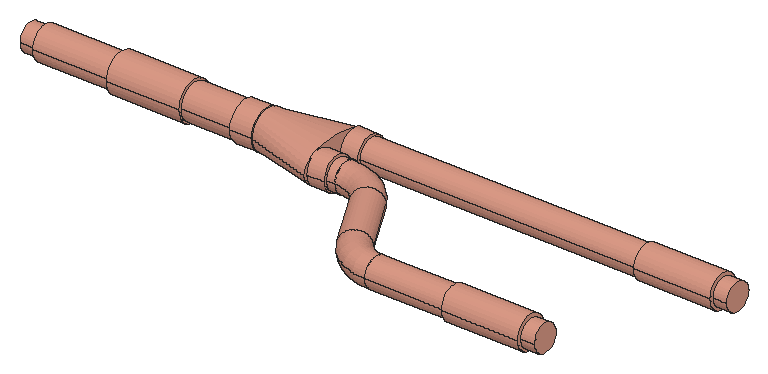
Revit family "outputfile", category 配管付属品, Revit 2024
Family settings
  丸型コネクタ寸法 = 半径を使用
  パーツ タイプ = 標準
  OmniClass 番号 = 23.65.55.00
  OmniClass タイトル = Distribution of Supplied Liquids/Gases
  作業面ベース = いいえ
  常に垂直 = はい
  ロード時にボイドで切り取り = いいえ
  共有 = いいえ
Parameters (values of type "BHRP25A22T")
  Description = ""
  製造元 = "Daikin"
  書き出し IFC クラス(タイプ) = "IfcPipeFittingType"
  定義済み IFC タイプ(タイプ) = "JUNCTION"
  Cost = 0
  Type Comments = ""
  Keynote = ""
  Type Image = (empty or 0)
  Assembly Code = ""
  mm⇔inch [instance] = yes
  l_dividePipe1 [instance] = size_lookup(table_StraightPipe, "l_dividePipe1", 10.0 mm, モデル)  # 10.0 mm
  Default Elevation = 0.0 mm
  モデル = "BHRP25A22T"
  table_StraightPipe [instance] = if(mm⇔inch, "Refnet Joint_BHRP25A-T_Gas_StraightPipe", "Refnet Joint_BHRP25A-T_Gas_StraightPipe_inch")  # "Refnet Joint_BHRP25A-T_Gas_StraightPipe"
  table_BranchPipe [instance] = if(mm⇔inch, "Refnet Joint_BHRP25A-T_Gas_BranchPipe", "Refnet Joint_BHRP25A-T_Gas_BranchPipe_inch")  # "Refnet Joint_BHRP25A-T_Gas_BranchPipe"
  table_Inlet [instance] = if(mm⇔inch, "Refnet Joint_BHRP25A-T_Gas_Inlet", "Refnet Joint_BHRP25A-T_Gas_Inlet_inch")  # "Refnet Joint_BHRP25A-T_Gas_Inlet"
  switch_StraightPipe_Reducer [instance] = if(Is_StraightPipe Reducer = 1, 1 = 1, 1 = 0)  # no
  switch_StraightPipe3 [instance] = if(number_StraightPipe = 3, 1 = 1, 1 = 0)  # no
  switch_StraightPipe2 [instance] = if(number_StraightPipe < 2, 1 = 0, 1 = 1)  # yes
  switch_BranchPipe_Reducer [instance] = if(Is_BranchPipe Reducer = 1, 1 = 1, 1 = 0)  # no
  switch_BranchPipe3 [instance] = if(number_BranchPipe = 3, 1 = 1, 1 = 0)  # no
  switch_BranchPipe2 [instance] = if(number_BranchPipe < 2, 1 = 0, 1 = 1)  # yes
  switch_Inlet pipe_Reducer [instance] = if(Is_Inlet Reducer = 1, 1 = 1, 1 = 0)  # no
  switch_Inlet pipe3 [instance] = if(number_InletPipe = 3, 1 = 1, 1 = 0)  # yes
  switch_Inlet pipe2 [instance] = if(number_InletPipe < 2, 1 = 0, 1 = 1)  # yes
  Uniclass2015Version = "Products v1.31"
  Uniclass2015Title = "Copper pipe fittings"
  Uniclass2015Code = "Pr_65_52_63_18"
  URL = ""
  StraightPipe_Gas_ActualDiameter [instance] = 12.7 mm
  Material_Piping = DAIKIN_Copper_Pipe
  Material_Insulation = DAIKIN_White_Insulation
  lw_Insulation [instance] = size_lookup(table_Inlet, "lw_Insulation", 57.8 mm, モデル)  # 57.8 mm
  Unit Type = "BHRP25A-T_Gas"
  Tag No. [instance] = ""
  StraightPipe_Gas_Status [instance] = size_lookup(table_StraightPipe, "Information", "The connected pipe size is not available.", モデル, StraightPipe_Gas_ActualDiameter)  # "Default connector size is used."
  Link_Nested Family [instance] = ""
  Inlet_Gas_Actual Diameter [instance] = 12.7 mm
  IfcVersion = ""
  IfcExportType = "JUNCTION"
  IfcExportAs = "IfcPipeFittingType"
  BranchPipe_Gas_Status [instance] = size_lookup(table_BranchPipe, "Information", "The connected pipe size is not available.", モデル, BranchPipe_Gas_ActualDiameter)  # "Default connector size is used."
  Inlet_Gas_Status [instance] = size_lookup(table_Inlet, "Information", "The connected pipe size is not available.", モデル, Inlet_Gas_Actual Diameter)  # "Default connector size is used."
  Series = "Refnet Joint"
  O.R_dividePipe_Inlet [instance] = (I.D_InletPipe1 + 2.0 mm) / 2  # 10.55 mm
  r_StraightPipe_Connector [instance] = StraightPipe_Gas_ActualDiameter / 2  # 6.35 mm
  r_BranchPipe_Connector [instance] = BranchPipe_Gas_ActualDiameter / 2  # 6.35 mm
  r_Inlet_Connector [instance] = Inlet_Gas_Actual Diameter / 2  # 6.35 mm
  number_StraightPipe [instance] = size_lookup(table_StraightPipe, "pipeNumber", 2, モデル, StraightPipe_Gas_ActualDiameter)  # 2
  number_BranchPipe [instance] = size_lookup(table_BranchPipe, "pipeNumber", 2, モデル, BranchPipe_Gas_ActualDiameter)  # 2
  number_InletPipe [instance] = size_lookup(table_Inlet, "pipeNumber", 3, モデル, Inlet_Gas_Actual Diameter)  # 3
  r_BranchPipeR [instance] = size_lookup(table_BranchPipe, "r_offsetPipeR", 25.0 mm, モデル, BranchPipe_Gas_ActualDiameter)  # 25.0 mm
  l_BranchPipe_Straight2 [instance] = size_lookup(table_BranchPipe, "L_offsetPipe2", 43.0 mm, モデル)  # 43.0 mm
  l_BranchPipe_Straight1 [instance] = size_lookup(table_BranchPipe, "L_offsetPipe1", 5.0 mm, モデル)  # 5.0 mm
  l_BranchPipe connector [instance] = size_lookup(table_BranchPipe, "Length", 170.0 mm, モデル, BranchPipe_Gas_ActualDiameter)  # 170.0 mm
  l_inlet connector [instance] = size_lookup(table_Inlet, "Length", 130.0 mm, モデル, Inlet_Gas_Actual Diameter)  # 130.0 mm
  l_dividePipe [instance] = size_lookup(table_Inlet, "L_devidePipe", 38.0 mm, モデル)  # 38.0 mm
  l_StraightPipeReducer [instance] = size_lookup(table_StraightPipe, "L_Reducer", 80.0 mm, モデル, StraightPipe_Gas_ActualDiameter)  # 80.0 mm
  l_StraightPipe3 [instance] = size_lookup(table_StraightPipe, "L_Pipe3", 2.0 mm, モデル)  # 2.0 mm
  l_StraightPipe2 [instance] = size_lookup(table_StraightPipe, "L_Pipe2", 8.0 mm, モデル)  # 8.0 mm
  l_StraightPipe1 [instance] = size_lookup(table_StraightPipe, "L_Pipe1", 42.0 mm, モデル)  # 42.0 mm
  l_StraightPipe0 [instance] = size_lookup(table_StraightPipe, "L_Pipe0", 152.0 mm, モデル)  # 152.0 mm
  l_StraightPipe connector [instance] = size_lookup(table_StraightPipe, "Length", 212.0 mm, モデル, StraightPipe_Gas_ActualDiameter)  # 212.0 mm
  l_BranchPipe Reducer [instance] = size_lookup(table_BranchPipe, "L_Reducer", 80.0 mm, モデル, BranchPipe_Gas_ActualDiameter)  # 80.0 mm
  l_BranchPipe3 [instance] = size_lookup(table_BranchPipe, "L_Pipe3", 2.0 mm, モデル)  # 2.0 mm
  l_BranchPipe2 [instance] = size_lookup(table_BranchPipe, "L_Pipe2", 8.0 mm, モデル)  # 8.0 mm
  l_BranchPipe1 [instance] = size_lookup(table_BranchPipe, "L_Pipe1", 42.0 mm, モデル)  # 42.0 mm
  l_BranchPipe0 [instance] = size_lookup(table_BranchPipe, "L_Pipe0", 110.0 mm, モデル)  # 110.0 mm
  l_InletReducer [instance] = size_lookup(table_Inlet, "L_Reducer", 100.0 mm, モデル, Inlet_Gas_Actual Diameter)  # 100.0 mm
  l_InletPipe3 [instance] = size_lookup(table_Inlet, "L_Pipe3", 8.0 mm, モデル)  # 8.0 mm
  l_InletPipe2 [instance] = size_lookup(table_Inlet, "L_Pipe2", 42.0 mm, モデル)  # 42.0 mm
  l_InletPipe1 [instance] = size_lookup(table_Inlet, "L_Pipe1", 40.0 mm, モデル)  # 40.0 mm
  l_InletPipe0 [instance] = size_lookup(table_Inlet, "L_Pipe0", 28.0 mm, モデル)  # 28.0 mm
  center_StraightPipe [instance] = size_lookup(table_StraightPipe, "center_Pipe", 11.5 mm, モデル)  # 11.5 mm
  center_BranchPipe2 [instance] = size_lookup(table_BranchPipe, "center_OffsetPipe", 68.5 mm, モデル)  # 68.5 mm
  center_BranchPipe1 [instance] = size_lookup(table_BranchPipe, "center_Pipe", 11.5 mm, モデル)  # 11.5 mm
  StraightPipe_Gas_AvailableDiameter [instance] = size_lookup(table_StraightPipe, "sizeVariation", "", モデル)  # "12.7/15.9/19.1mm"
  BranchPipe_Gas_AvailableDiameter [instance] = size_lookup(table_BranchPipe, "sizeVariation", "", モデル)  # "12.7/15.9mm"
  Inlet_Gas_Available Diameter [instance] = size_lookup(table_Inlet, "sizeVariation", "", モデル)  # "12.7/15.9/19.1mm"
  O.D_StraightPipe Reducer [instance] = size_lookup(table_StraightPipe, "O.D_reducer", 2.0 mm, モデル, StraightPipe_Gas_ActualDiameter)  # 2.0 mm
  O.D_Offset Outlet Reducer [instance] = size_lookup(table_BranchPipe, "O.D_reducer", 2.0 mm, モデル, BranchPipe_Gas_ActualDiameter)  # 2.0 mm
  O.D_Inlet Reducer [instance] = size_lookup(table_Inlet, "O.D_reducer", 2.0 mm, モデル, Inlet_Gas_Actual Diameter)  # 2.0 mm
  Is_StraightPipe Reducer [instance] = size_lookup(table_StraightPipe, "IsReducer", 0, モデル, StraightPipe_Gas_ActualDiameter)  # 0
  Is_BranchPipe Reducer [instance] = size_lookup(table_BranchPipe, "IsReducer", 0, モデル, BranchPipe_Gas_ActualDiameter)  # 0
  Is_Inlet Reducer [instance] = size_lookup(table_Inlet, "IsReducer", 0, モデル, Inlet_Gas_Actual Diameter)  # 0
  BranchPipe_Gas_ActualDiameter [instance] = 12.7 mm
  Attach_Insulation [instance] = no
  I.D_StraightPipe3 [instance] = size_lookup(table_StraightPipe, "I.D_PipeSize3", 2.0 mm, モデル)  # 2.0 mm
  I.D_StraightPipe2 [instance] = size_lookup(table_StraightPipe, "I.D_PipeSize2", 12.7 mm, モデル)  # 12.7 mm
  I.D_StraightPipe1 [instance] = size_lookup(table_StraightPipe, "I.D_PipeSize1", 15.9 mm, モデル)  # 15.9 mm
  I.D_StraightPipe0 [instance] = size_lookup(table_StraightPipe, "I.D_PipeSize0", 13.9 mm, モデル)  # 13.9 mm
  I.D_BranchPipe3 [instance] = size_lookup(table_BranchPipe, "I.D_PipeSize3", 2.0 mm, モデル)  # 2.0 mm
  I.D_BranchPipe2 [instance] = size_lookup(table_BranchPipe, "I.D_PipeSize2", 12.7 mm, モデル)  # 12.7 mm
  I.D_BranchPipe1 [instance] = size_lookup(table_BranchPipe, "I.D_PipeSize1", 15.9 mm, モデル)  # 15.9 mm
  I.D_BranchPipe0 [instance] = size_lookup(table_BranchPipe, "I.D_PipeSize0", 13.9 mm, モデル)  # 13.9 mm
  I.D_Straight Reducer [instance] = size_lookup(table_StraightPipe, "I.D_reducer", 2.0 mm, モデル, StraightPipe_Gas_ActualDiameter)  # 2.0 mm
  I.D_OutletPipe [instance] = size_lookup(table_Inlet, "I.D_OutletPipeSize", 16.0 mm, モデル, Inlet_Gas_Actual Diameter)  # 16.0 mm
  I.D_Branch Reducer [instance] = size_lookup(table_BranchPipe, "I.D_reducer", 2.0 mm, モデル, BranchPipe_Gas_ActualDiameter)  # 2.0 mm
  I.D_Inlet Reducer [instance] = size_lookup(table_Inlet, "I.D_reducer", 2.0 mm, モデル, Inlet_Gas_Actual Diameter)  # 2.0 mm
  I.D_InletPipe3 [instance] = size_lookup(table_Inlet, "I.D_PipeSize3", 12.7 mm, モデル)  # 12.7 mm
  I.D_InletPipe2 [instance] = size_lookup(table_Inlet, "I.D_PipeSize2", 15.9 mm, モデル)  # 15.9 mm
  I.D_InletPipe1 [instance] = size_lookup(table_Inlet, "I.D_PipeSize1", 19.1 mm, モデル)  # 19.1 mm
  I.D_InletPipe0 [instance] = size_lookup(table_Inlet, "I.D_PipeSize0", 17.1 mm, モデル)  # 17.1 mm
Reference planes
  plane 1 "Center (Front/Back)": y = 0
  plane 2: z = 0
  plane 3 "base_left": x = 0
  plane 4: x = 8
  plane 5: x = 50
  plane 6: x = 90
  plane 7: x = 118
  plane 8: x = 130
  plane 9: x = 168
  plane 10: x = 178
  plane 11 "center_straight outlet": y = 11.5
  plane 12 "center2_offset outlet": y = -68.5
  plane 13 "center1_offset outlet": y = -11.5
  plane 14: x = 330
  plane 15: x = 372
  plane 16: x = 380
  plane 17: x = 288
  plane 18: x = 330
  plane 19: x = 338
  plane 20: x = 382
  plane 21: x = 340
  plane 22 "Reducer_straightoutlet": x = 338
  plane 23: x = 380
  plane 24: y = -22.05
  plane 25: z = 10.55
  plane 26 "Inlet_connector": x = 0
  plane 27 "Left_Insulation": x = 72.2
Forms (mm)
  SweptBlend 1, solid, material "DAIKIN_Copper_Pipe" <- "Material_Piping"
    path origin (0, 0, 0) x (1, 0, 0) y (0, 1, 0)
      loop
        line (130, 0) -> (168, 0)
    profile origin (130, 0, 0) x (0, 1, 0) y (0, 0, 1)
      loop
        circle (0, 0) r 10.55
    end profile origin (168, 0, 0) x (0, 1, 0) y (0, 0, 1)
      loop
        spline (-22.05, 0) -> (-21.299, -2.731) -> (-19.096, -5.275) -> (-15.592, -7.46) -> (-11.025, -9.137) -> (-5.707, -10.191) -> (0, -10.55) -> (5.707, -10.191) -> (11.025, -9.137) -> (15.592, -7.46) -> (19.096, -5.275) -> (21.299, -2.731) -> (22.05, 0)
        spline (22.05, 0) -> (21.299, 2.731) -> (19.096, 5.275) -> (15.592, 7.46) -> (11.025, 9.137) -> (5.707, 10.191) -> (0, 10.55) -> (-5.707, 10.191) -> (-11.025, 9.137) -> (-15.592, 7.46) -> (-19.096, 5.275) -> (-21.299, 2.731) -> (-22.05, 0)
Dimensions and locks
  "l_InletPipe3": plane 3 "base_left" to plane 4
  "l_InletPipe2": plane 4 to plane 5
  "l_InletPipe1": plane 5 to plane 6
  "l_InletPipe0": plane 6 to plane 7
  locked: plane 7 to plane 8 at 12
  "center_StraightPipe": plane 1 "Center (Front/Back)" to plane 11 "center_straight outlet"
  "center_BranchPipe2": plane 12 "center2_offset outlet" to plane 1 "Center (Front/Back)"
  "center_BranchPipe1": plane 13 "center1_offset outlet" to plane 1 "Center (Front/Back)"
  "l_dividePipe": plane 8 to plane 9
  "l_dividePipe1": plane 9 to plane 10
  "l_StraightPipe0": plane 10 to plane 14
  "l_BranchPipe0": plane 10 to plane 17
  "l_BranchPipe1": plane 17 to plane 18
  "l_BranchPipe2": plane 18 to plane 19
  "l_StraightPipe1": plane 14 to plane 15
  "l_StraightPipe2": plane 15 to plane 16
  "l_StraightPipe3": plane 16 to plane 20
  "l_BranchPipe3": plane 19 to plane 21
  "l_BranchPipe connector": plane 9 to plane 22 "Reducer_straightoutlet"
  "l_StraightPipe connector": plane 9 to plane 23
  "O.R_dividePipe_Inlet": plane 24 to plane 13 "center1_offset outlet"
  "O.R_dividePipe_Inlet": plane 25 to plane 2
  "l_inlet connector": plane 26 "Inlet_connector" to plane 8
  "lw_Insulation": plane 27 "Left_Insulation" to plane 8
  "O.R_dividePipe_Inlet": radius of SweptBlend 1 sketch curve
  aligned and locked: level to plane 2
  aligned and locked: plane 2 to nested 1
  aligned and locked: plane 3 "base_left" to nested 1
  aligned and locked: plane 1 "Center (Front/Back)" to nested 1
  aligned and locked: plane 4 to nested 2
  aligned and locked: plane 1 "Center (Front/Back)" to nested 2
  aligned and locked: plane 5 to nested 2
  aligned and locked: plane 5 to nested 3
  aligned and locked: plane 6 to nested 3
  aligned and locked: plane 6 to nested 4
  aligned and locked: nested 4 to plane 7
  aligned and locked: nested 5 to plane 7
  aligned and locked: nested 5 to plane 8
  aligned and locked: plane 8 to SweptBlend 1 sketch curve
  aligned and locked: plane 9 to SweptBlend 1 sketch curve
  aligned and locked: plane 2 to SweptBlend 1 sketch curve  (x2)
  aligned and locked: plane 1 "Center (Front/Back)" to SweptBlend 1 sketch curve  (x2)
  aligned and locked: nested 6 to plane 9
  aligned and locked: nested 7 to plane 9
  aligned and locked: nested 6 to plane 11 "center_straight outlet"
  aligned and locked: nested 7 to plane 13 "center1_offset outlet"
  aligned and locked: nested 7 to plane 10
  aligned and locked: nested 6 to plane 10
  aligned and locked: nested 8 to plane 10
  aligned and locked: plane 14 to nested 8
  aligned and locked: nested 8 to plane 11 "center_straight outlet"
  aligned and locked: plane 14 to nested 9
  aligned and locked: nested 9 to plane 11 "center_straight outlet"
  aligned and locked: plane 15 to nested 9
  aligned and locked: nested 10 to plane 11 "center_straight outlet"
  aligned and locked: plane 15 to nested 10
  aligned and locked: plane 16 to nested 10
  aligned and locked: nested 11 to plane 12 "center2_offset outlet"
  aligned and locked: plane 17 to nested 11
  aligned and locked: plane 18 to nested 11
  aligned and locked: nested 12 to plane 12 "center2_offset outlet"
  aligned and locked: plane 18 to nested 12
  aligned and locked: plane 19 to nested 12
  aligned and locked: nested 13 to plane 10
  aligned and locked: nested 13 to plane 13 "center1_offset outlet"
  aligned and locked: nested 13 to plane 12 "center2_offset outlet"
  aligned and locked: plane 8 to nested 14
  aligned and locked: plane 1 "Center (Front/Back)" to nested 14
  aligned and locked: plane 11 "center_straight outlet" to nested 15
  aligned and locked: nested 15 to plane 9
  aligned and locked: nested 16 to plane 9
  aligned and locked: plane 12 "center2_offset outlet" to nested 16
  aligned and locked: nested 17 to plane 1 "Center (Front/Back)"
  aligned and locked: plane 16 to nested 18
  aligned and locked: plane 20 to nested 18
  aligned and locked: plane 19 to nested 19
  aligned and locked: plane 21 to nested 19
  aligned and locked: nested 20 to plane 12 "center2_offset outlet"
  aligned and locked: plane 23 to nested 21
  aligned and locked: nested 21 to plane 11 "center_straight outlet"
  aligned and locked: plane 4 to nested 1
  aligned and locked: plane 24 to SweptBlend 1 sketch curve
  aligned and locked: plane 25 to SweptBlend 1 sketch curve
  aligned and locked: nested 19 to plane 12 "center2_offset outlet"
  aligned and locked: nested 18 to plane 11 "center_straight outlet"
  aligned and locked: nested 17 to plane 26 "Inlet_connector"
  aligned and locked: plane 22 "Reducer_straightoutlet" to nested 20
  aligned and locked: plane 27 "Left_Insulation" to nested 22
  aligned and locked: plane 1 "Center (Front/Back)" to nested 22
Automatic sketch dimensions
  plane 1 "Center (Front/Back)" to SweptBlend 1 sketch curve = 0.0 mm
Nested families
  nested 1: "daikin_Pipe" at (4, 0, 0), I.D_Pipe <- "I.D_InletPipe3", display <- "switch_Inlet pipe3", type "*"
    with length_Pipe 8.0 mm, display yes, O.D_Pipe 14.7 mm, I.D_Pipe 12.7 mm
  nested 2: "daikin_Pipe" at (29, 0, 0), I.D_Pipe <- "I.D_InletPipe2", display <- "switch_Inlet pipe2", type "*"
    with length_Pipe 42.0 mm, display yes, O.D_Pipe 17.9 mm, I.D_Pipe 15.9 mm
  nested 3: "daikin_Pipe" at (70, 0, 0), I.D_Pipe <- "I.D_InletPipe1", type "*"
    with length_Pipe 40.0 mm, display yes, O.D_Pipe 21.1 mm, I.D_Pipe 19.1 mm
  nested 4: "daikin_Pipe" at (104, 0, 0), I.D_Pipe <- "I.D_InletPipe0", type "*"
    with length_Pipe 28.0 mm, display yes, O.D_Pipe 19.1 mm, I.D_Pipe 17.1 mm
  nested 5: "daikin_Pipe" at (124, 0, 0), I.D_Pipe <- "I.D_InletPipe1", type "*"
    with length_Pipe 12.0 mm, display yes, O.D_Pipe 21.1 mm, I.D_Pipe 19.1 mm
  nested 6: "daikin_Pipe" at (173, 11.5, 0), I.D_Pipe <- "I.D_OutletPipe", type "*"
    with length_Pipe 10.0 mm, display yes, O.D_Pipe 18.0 mm, I.D_Pipe 16.0 mm
  nested 7: "daikin_Pipe" at (173, -11.5, 0), I.D_Pipe <- "I.D_OutletPipe", type "*"
    with length_Pipe 10.0 mm, display yes, O.D_Pipe 18.0 mm, I.D_Pipe 16.0 mm
  nested 8: "daikin_Pipe" at (254, 11.5, 0), I.D_Pipe <- "I.D_StraightPipe0", type "*"
    with length_Pipe 152.0 mm, display yes, O.D_Pipe 15.9 mm, I.D_Pipe 13.9 mm
  nested 9: "daikin_Pipe" at (351, 11.5, 0), I.D_Pipe <- "I.D_StraightPipe1", type "*"
    with length_Pipe 42.0 mm, display yes, O.D_Pipe 17.9 mm, I.D_Pipe 15.9 mm
  nested 10: "daikin_Pipe" at (376, 11.5, 0), I.D_Pipe <- "I.D_StraightPipe2", display <- "switch_StraightPipe2", type "*"
    with length_Pipe 8.0 mm, display yes, O.D_Pipe 14.7 mm, I.D_Pipe 12.7 mm
  nested 11: "daikin_Pipe" at (309, -68.5, 0), I.D_Pipe <- "I.D_BranchPipe1", type "*"
    with length_Pipe 42.0 mm, display yes, O.D_Pipe 17.9 mm, I.D_Pipe 15.9 mm
  nested 12: "daikin_Pipe" at (334, -68.5, 0), I.D_Pipe <- "I.D_BranchPipe2", display <- "switch_BranchPipe2", type "*"
    with length_Pipe 8.0 mm, display yes, O.D_Pipe 14.7 mm, I.D_Pipe 12.7 mm
  nested 13: "daikin_Pipe Ofsset" at (178, -11.5, 0), I.D_Pipe size <- "I.D_BranchPipe0", length_straight pipe1 <- "l_BranchPipe_Straight1", length_straight pipe2 <- "l_BranchPipe_Straight2", r_Pipe R <- "r_BranchPipeR", length_Pipe <- "l_BranchPipe0", type "*"
    with r_Pipe R 25.0 mm, length_straight pipe2 43.0 mm, length_straight pipe1 5.0 mm, length_offset center 57.0 mm, length_Pipe 110.0 mm, O.D_Pipe size 15.9 mm, I.D_Pipe size 13.9 mm
  nested 14: "daikin_connector_rotate2" at (130, 0, 0) x (0, -1, 0) z (0, 0, 1), length <- "l_inlet connector", type "daikin_connector_rotate2"
    with radius 5.0 mm, length 130.0 mm, angle_vertical 90.00°, locaton_mark no
  nested 15: "daikin_connector_rotate2" at (168, 11.5, 0) x (0, 1, 0) z (0, 0, 1), length <- "l_StraightPipe connector", type "daikin_connector_rotate2"
    with radius 5.0 mm, length 212.0 mm, angle_vertical 90.00°, locaton_mark no
  nested 16: "daikin_connector_rotate2" at (168, -68.5, 0) x (0, 1, 0) z (0, 0, 1), length <- "l_BranchPipe connector", type "daikin_connector_rotate2"
    with radius 5.0 mm, length 170.0 mm, angle_vertical 90.00°, locaton_mark no
  nested 17: "daikin_Pipe_reducer" at (50, 0, 0) x (-1, 0, 0) z (0, 0, 1), display <- "switch_Inlet pipe_Reducer", length_Pipe <- "l_InletReducer", I.D_Pipe1 <- "I.D_Inlet Reducer", O.D_Pipe2 <- "O.D_Inlet Reducer", type "*"
    with length_Pipe 100.0 mm, display no, O.D_Pipe2 2.0 mm, O.D_Pipe1 4.0 mm, I.D_Pipe2 0.0 mm, I.D_Pipe1 2.0 mm
  nested 18: "daikin_Pipe" at (381, 11.5, 0), I.D_Pipe <- "I.D_StraightPipe3", display <- "switch_StraightPipe3", type "*"
    with length_Pipe 2.0 mm, display no, O.D_Pipe 4.0 mm, I.D_Pipe 2.0 mm
  nested 19: "daikin_Pipe" at (339, -68.5, 0), I.D_Pipe <- "I.D_BranchPipe3", display <- "switch_BranchPipe3", type "*"
    with length_Pipe 2.0 mm, display no, O.D_Pipe 4.0 mm, I.D_Pipe 2.0 mm
  nested 20: "daikin_Pipe_reducer" at (298, -68.5, 0), I.D_Pipe1 <- "I.D_Branch Reducer", O.D_Pipe2 <- "O.D_Offset Outlet Reducer", length_Pipe <- "l_BranchPipe Reducer", display <- "switch_BranchPipe_Reducer", type "*"
    with length_Pipe 80.0 mm, display no, O.D_Pipe2 2.0 mm, O.D_Pipe1 4.0 mm, I.D_Pipe2 0.0 mm, I.D_Pipe1 2.0 mm
  nested 21: "daikin_Pipe_reducer" at (340, 11.5, 0), I.D_Pipe1 <- "I.D_Straight Reducer", O.D_Pipe2 <- "O.D_StraightPipe Reducer", length_Pipe <- "l_StraightPipeReducer", display <- "switch_StraightPipe_Reducer", type "*"
    with length_Pipe 80.0 mm, display no, O.D_Pipe2 2.0 mm, O.D_Pipe1 4.0 mm, I.D_Pipe2 0.0 mm, I.D_Pipe1 2.0 mm
  nested 22: "daikin_Insulation_RefnetJoint" at (72.2, 0, 0), I.D_Outlet PipeSize <- "I.D_OutletPipe", type "*"
    with h 48.0 mm, I.D_Outlet PipeSize 16.0 mm
Connectors
  piping at (0, 0, 0), diameter 12.7, driven by "r_Inlet_Connector"
    settings: on nested 14, index 1, connector inside diameter 609.6 mm, connector length 0.0 mm, flow factor 0, pipe flow 0.00 m³/h, pressure drop 0.0 Pa, fitting loss kfactor 0, connector angle 0.00°, fixture units 0, engagement length 0.0 mm, angle of deflection 0.00°, flow configuration 0, flow direction 2, fitting loss method 0, system type 29, joint type 0, gender type 0, connector reference index -1, connector utility 0, adjustable connector no, is connector primary yes, connector description "Refnet Joint_Inlet_Gas"
  piping at (338, -68.5, 0), diameter 12.7, driven by "r_BranchPipe_Connector"
    settings: on nested 16, index 2, connector inside diameter 609.6 mm, connector length 0.0 mm, flow factor 0, pipe flow 0.00 m³/h, pressure drop 0.0 Pa, fitting loss kfactor 0, connector angle 0.00°, fixture units 0, engagement length 0.0 mm, angle of deflection 0.00°, flow configuration 0, flow direction 1, fitting loss method 0, system type 29, joint type 0, gender type 0, connector reference index -1, connector utility 0, adjustable connector no, is connector primary no, connector description "Refnet Joint_Outlet Branch_Gas"
  piping at (380, 11.5, 0), diameter 12.7, driven by "r_StraightPipe_Connector"
    settings: on nested 15, index 3, connector inside diameter 609.6 mm, connector length 0.0 mm, flow factor 0, pipe flow 0.00 m³/h, pressure drop 0.0 Pa, fitting loss kfactor 0, connector angle 0.00°, fixture units 0, engagement length 0.0 mm, angle of deflection 0.00°, flow configuration 0, flow direction 1, fitting loss method 0, system type 29, joint type 0, gender type 0, connector reference index -1, connector utility 0, adjustable connector no, is connector primary no, connector description "Refnet Joint_Outlet Straight_Gas"
Definition of nested family "daikin_Pipe"
  Parameters (values of type "*")
    Default Elevation = 0.0 mm
    material = none
    length_Pipe [instance] = 150.0 mm
    display [instance] = yes
    O.D_Pipe [instance] = I.D_Pipe + 2.0 mm  # 27.0 mm
    I.D_Pipe [instance] = 25.0 mm
  Reference planes
    plane 1 "Center (Front/Back)": y = 0
    plane 2 "center(vertical)": z = 0
    plane 3 "Center (Left/Right)": x = 0
    plane 4 "left": x = -75
    plane 5 "right": x = 75
  Forms (mm)
    Extrusion 1, solid, material <- "material", visible <- "display"
      sketch origin (0, 0, 0) x (0, 1, 0) y (0, 0, 1)
        loop
          circle (0, 0) r 13.5
      from -75 to 75
  Dimensions and locks
    equal spacing: plane 4 "left", plane 3 "Center (Left/Right)", plane 5 "right"
    "length_Pipe": plane 4 "left" to plane 5 "right"
    "O.D_Pipe": diameter of Extrusion 1 sketch curve
    aligned and locked: level to plane 2 "center(vertical)"
    aligned and locked: plane 2 "center(vertical)" to Extrusion 1 sketch curve
    aligned and locked: plane 1 "Center (Front/Back)" to Extrusion 1 sketch curve
    aligned and locked: plane 5 "right" to Extrusion 1
    aligned and locked: Extrusion 1 to plane 4 "left"
Definition of nested family "daikin_Pipe Ofsset"
  Parameters (values of type "*")
    Default Elevation = 0.0 mm
    r_Pipe R [instance] = 40.0 mm
    material = none
    length_straight pipe2 [instance] = 43.0 mm
    length_straight pipe1 [instance] = 5.0 mm
    length_offset center [instance] = 57.0 mm
    length_Pipe [instance] = 110.0 mm
    O.D_Pipe size [instance] = I.D_Pipe size + 2.0 mm  # 12.0 mm
    I.D_Pipe size [instance] = 10.0 mm
  Reference planes
    plane 1 "Center (Front/Back)": y = 0
    plane 2: z = 0
    plane 3 "Center (Left/Right)": x = 0
    plane 4: y = -57
    plane 5: x = 110
    plane 6: x = 67
    plane 7: x = 5
  Forms (mm)
    Sweep 1, solid, material <- "material"
      path origin (0, 0, 0) x (1, 0, 0) y (0, 1, 0)
        loop
          line (0, 0) -> (5, 0)
          arc (5, 0) -> (20.74, -3.227) -> (33.94, -12.387) r 40
          line (33.94, -12.387) -> (38.06, -44.613)
          arc (38.06, -44.613) -> (51.26, -53.773) -> (67, -57) r 40
          line (67, -57) -> (110, -57)
      profile origin (2.5, 0, 0) x (0, 1, 0) y (0, 0, 1)
        loop
          circle (0, 0) r 6
  Dimensions and locks
    "length_offset center": plane 4 to plane 1 "Center (Front/Back)"
    "length_straight pipe1": plane 3 "Center (Left/Right)" to plane 7
    "length_Pipe": plane 3 "Center (Left/Right)" to plane 5
    "length_straight pipe2": plane 6 to plane 5
    "O.D_Pipe size": diameter of Sweep 1 sketch curve
    "r_Pipe R": radius of Sweep 1 sketch curve  (x2)
    aligned and locked: level to plane 2
    aligned and locked: plane 1 "Center (Front/Back)" to Sweep 1 sketch curve
    aligned and locked: profile plane to Sweep 1 sketch curve
    aligned and locked: plane 5 to Sweep 1 sketch curve
    aligned and locked: plane 7 to Sweep 1 sketch curve
    aligned and locked: plane 6 to Sweep 1 sketch curve
  Automatic sketch dimensions
    plane 1 "Center (Front/Back)" to Sweep 1 sketch curve = 0.0 mm
    Sweep 1 sketch curve to plane 3 "Center (Left/Right)" = 0.0 mm
    plane 4 to Sweep 1 sketch curve = 0.0 mm
    plane 1 "Center (Front/Back)" to Sweep 1 sketch curve = 12.387 mm
    Sweep 1 sketch curve to plane 4 = 12.387 mm
Definition of nested family "daikin_connector_rotate2"
  Parameters (values of type "daikin_connector_rotate2")
    show_face = no
    radius [instance] = 10.0 mm
    locaton_mark = yes
    length [instance] = 600.0 mm
    d_surface = 10.0 mm
    angle_vertical [instance] = 90.00°
    Default Elevation = 0.0 mm
  Reference planes
    plane 1 "Center (Front/Back)": y = 0
    plane 2: z = 0
    plane 3 "Center (Left/Right)": x = 0
  Forms (mm)
    Extrusion 1, solid, visible <- "show_face"
      sketch origin (0, -600, 0) x (1, 0, 0) y (0, 0, 1)
        loop
          circle (0, 0) r 10
      from 0 to -10
  Lines and regions (mm)
    reference lines
      curve 1: line (0, 0, 0) -> (0, -600, 0)
    symbolic lines, visible <- "locaton_mark"
      curve 2: circle (0, 0, 0) r 5 normal (0, 0, 1)
    model lines, visible <- "show_face"
      curve 3: line (0, 0, 0) -> (0, -600, 0)
  Dimensions and locks
    "length": curve 1 to curve 1
    "length": curve 3 to curve 3
    "d_surface": Extrusion 1 to Extrusion 1
    "radius": radius of Extrusion 1 sketch curve
    "angle_vertical": angle curve 1 to plane 1 "Center (Front/Back)"
    "angle_vertical": angle curve 3 to plane 1 "Center (Front/Back)"
    aligned and locked: level to plane 2
    aligned and locked: plane 1 "Center (Front/Back)" to curve 1
    aligned and locked: plane 2 to curve 1
    aligned and locked: plane 1 "Center (Front/Back)" to curve 2
    aligned and locked: plane 3 "Center (Left/Right)" to curve 2
    aligned and locked: plane 1 "Center (Front/Back)" to curve 3
    aligned and locked: plane 2 to curve 3
    aligned and locked: Extrusion 1 to Extrusion 1
  Automatic sketch dimensions
    Extrusion 1 sketch curve to level = 0.0 mm
    Extrusion 1 sketch curve to plane 3 "Center (Left/Right)" = 0.0 mm
    radius of curve 2 = 5.0 mm
Definition of nested family "daikin_Pipe_reducer"
  Parameters (values of type "*")
    Default Elevation = 0.0 mm
    material = none
    length_Pipe [instance] = 250.0 mm
    display [instance] = yes
    O.D_Pipe2 [instance] = 19.1 mm
    O.D_Pipe1 [instance] = I.D_Pipe1 + 2.0 mm  # 24.2 mm
    I.D_Pipe2 [instance] = O.D_Pipe2 - 2.0 mm  # 17.1 mm
    I.D_Pipe1 [instance] = 22.2 mm
  Reference planes
    plane 1 "Center (Front/Back)": y = 0
    plane 2 "center(vertical)": z = 0
    plane 3 "Center (Left/Right)": x = 0
    plane 4 "connection": x = -125
    plane 5 "right": x = 113
    plane 6: x = 125
  Forms (mm)
    Extrusion 1, solid, material <- "material", visible <- "display"
      sketch origin (0, 0, 0) x (0, 1, 0) y (0, 0, 1)
        loop
          circle (0, 0) r 9.55
      from -125 to 113
    Extrusion 2, solid, material <- "material", visible <- "display"
      sketch origin (0, 0, 0) x (0, 1, 0) y (0, 0, 1)
        loop
          circle (0, 0) r 12.1
      from 113 to 125
  Dimensions and locks
    locked: plane 5 "right" to plane 6 at 12
    "length_Pipe": plane 4 "connection" to plane 6
    equal spacing: plane 4 "connection", plane 3 "Center (Left/Right)", plane 6
    "O.D_Pipe2": diameter of Extrusion 1 sketch curve
    "O.D_Pipe1": diameter of Extrusion 2 sketch curve
    aligned and locked: level to plane 2 "center(vertical)"
    aligned and locked: plane 2 "center(vertical)" to Extrusion 1 sketch curve
    aligned and locked: plane 1 "Center (Front/Back)" to Extrusion 1 sketch curve
    aligned and locked: plane 5 "right" to Extrusion 1
    aligned and locked: Extrusion 1 to plane 4 "connection"
    aligned and locked: plane 2 "center(vertical)" to Extrusion 2 sketch curve
    aligned and locked: plane 1 "Center (Front/Back)" to Extrusion 2 sketch curve
    aligned and locked: Extrusion 2 to plane 5 "right"
    aligned and locked: plane 6 to Extrusion 2
Definition of nested family "daikin_Insulation_RefnetJoint"
  Parameters (values of type "*")
    r_Insulation = size_lookup(table_Insulation, "r_Insulation", 13.5 mm, Model)  # 13.5 mm
    h_Insulation = size_lookup(table_Insulation, "h_Insulation", 203.8 mm, Model)  # 202.5 mm
    d_Insulation3_3 = size_lookup(table_Insulation, "d_Insulation3_3", 68.0 mm, Model)  # 68.0 mm
    d_Insulation2_2 = size_lookup(table_Insulation, "d_Insulation2_2", 38.0 mm, Model)  # 38.0 mm
    d_Insulation1_1 = size_lookup(table_Insulation, "d_Insulation1_1", 26.5 mm, Model)  # 26.5 mm
    Default Elevation = 0.0 mm
    Model = "BHRP25A22T"
    w_Insulation5 = size_lookup(table_Insulation, "w_Insulation5", 212.0 mm, Model)  # 212.0 mm
    w_Insulation4 = size_lookup(table_Insulation, "w_Insulation4", 67.0 mm, Model)  # 67.0 mm
    w_Insulation3 = size_lookup(table_Insulation, "w_Insulation3", 34.7 mm, Model)  # 34.7 mm
    w_Insulation2 = size_lookup(table_Insulation, "w_Insulation2", 80.0 mm, Model)  # 80.0 mm
    w_Insulation1 = size_lookup(table_Insulation, "w_Insulation1", 22.0 mm, Model)  # 22.0 mm
    table_Insulation = "Refnet Joint_BHRP25A-T_Gas_Insulation"  # constant formula
    material = none
    h [instance] = (I.D_Outlet PipeSize + 2.0 mm) + 30.0 mm  # 47.0 mm
    display = no
    d_Insulation3 = size_lookup(table_Insulation, "d_Insulation3", 63.5 mm, Model)  # 63.5 mm
    d_Insulation2 = size_lookup(table_Insulation, "d_Insulation2", 41.0 mm, Model)  # 41.0 mm
    d_Insulation1 = size_lookup(table_Insulation, "d_Insulation1", 29.5 mm, Model)  # 29.5 mm
    I.D_Outlet PipeSize [instance] = 15.0 mm
  Reference planes
    plane 1 "Center (Front/Back)": y = 0
    plane 2: z = 0
    plane 3 "Left": x = 0
    plane 4 "top": z = 23.5
    plane 5 "bottom": z = -23.5
    plane 6: x = 22
    plane 7: x = 80
    plane 8: y = 26.5
    plane 9: y = -29.5
    plane 10: y = 38
    plane 11: y = -41
    plane 12: y = -93.5
    plane 13: x = 212
    plane 14: y = -30
    plane 15: x = 114.7
    plane 16: x = 145
    plane 17: x = 202.5
  Forms (mm)
    Extrusion 1, solid, material <- "material", visible <- "display"
      sketch origin (0, 0, 0) x (1, 0, 0) y (0, 1, 0)
        loop
          line (22, 26.5) -> (0, 26.5) -> (0, -29.5) -> (22, -29.5) -> (80, -41) -> (114.7, -41) -> (145, -93.5) -> (212, -93.5) -> (212, -43.5) -> (202.5, -43.5)
          arc (202.5, -43.5) -> (189, -30) -> (202.5, -16.5) r 13.5
          line (202.5, -16.5) -> (212, -16.5) -> (212, 38) -> (80, 38) -> (22, 26.5)
      from -23.5 to 23.5
  Dimensions and locks
    equal spacing: plane 4 "top", plane 2, plane 5 "bottom"
    "h": plane 4 "top" to plane 5 "bottom"
    "w_Insulation1": plane 3 "Left" to plane 6
    "w_Insulation2": plane 3 "Left" to plane 7
    "w_Insulation5": plane 3 "Left" to plane 13
    "w_Insulation3": plane 7 to plane 15
    "w_Insulation4": plane 16 to plane 13
    "d_Insulation1": plane 1 "Center (Front/Back)" to plane 9
    "d_Insulation1_1": plane 8 to plane 1 "Center (Front/Back)"
    "d_Insulation2": plane 1 "Center (Front/Back)" to plane 11
    "d_Insulation2_2": plane 10 to plane 1 "Center (Front/Back)"
    "d_Insulation3_3": plane 10 to plane 14
    "d_Insulation3": plane 14 to plane 12
    "r_Insulation": Extrusion 1 sketch curve to plane 14
    "r_Insulation": plane 14 to Extrusion 1 sketch curve
    "h_Insulation": plane 3 "Left" to plane 17
    "r_Insulation": radius of Extrusion 1 sketch curve
    aligned and locked: level to plane 2
    aligned and locked: Extrusion 1 to plane 5 "bottom"
    aligned and locked: plane 4 "top" to Extrusion 1
    aligned and locked: plane 6 to Extrusion 1  (x2)
    aligned and locked: plane 7 to Extrusion 1  (x2)
    aligned and locked: plane 6 to Extrusion 1 sketch curve
    aligned and locked: plane 11 to Extrusion 1 sketch curve
    aligned and locked: plane 7 to Extrusion 1 sketch curve  (x2)
    aligned and locked: plane 10 to Extrusion 1 sketch curve
    aligned and locked: Extrusion 1 sketch curve to plane 12
    aligned and locked: Extrusion 1 sketch curve to plane 13  (x2)
    aligned and locked: plane 16 to Extrusion 1 sketch curve
    aligned and locked: plane 15 to Extrusion 1 sketch curve
    aligned and locked: plane 17 to Extrusion 1 sketch curve
  Automatic sketch dimensions
    Extrusion 1 sketch curve to plane 3 "Left" = 0.0 mm
    Extrusion 1 sketch curve to plane 6 = 0.0 mm
    Extrusion 1 sketch curve to plane 9 = 0.0 mm
    Extrusion 1 sketch curve to plane 8 = 0.0 mm
